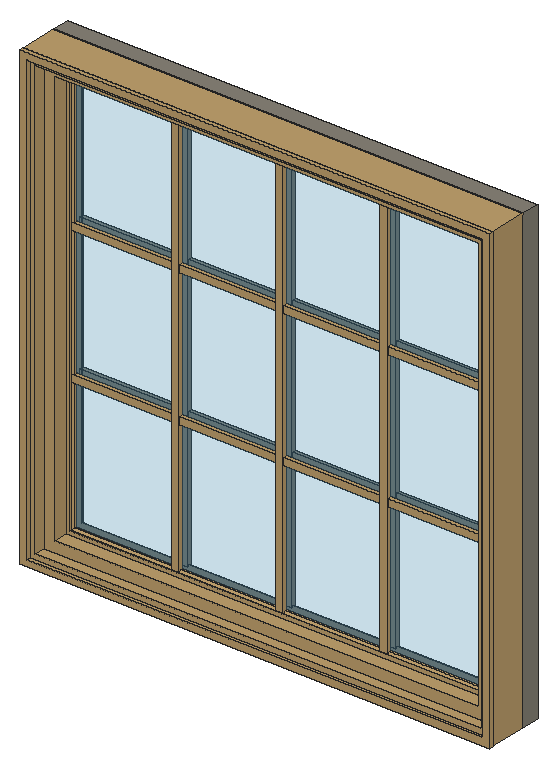
Revit family
Parameters (values of type "CUCAP4848")
  Window Type = "Clad Ultimate Casement Picture Unit"
  URL = "www.marvin.com"
  Prairie Corner Width = 0' - 4"
  Prairie Corner Height = 0' - 4"
  Nominal Width = 4' - 0"
  Nominal Height = 4' - 0"
  Muntins Interior Material = Wood-Marvin-Pine
  Muntins Exterior Material = Aluminum-Marvin-Bronze
  Model = "CUCAP4848"
  Manufacturer = "Marvin Windows and Doors"
  Lites Wide = 4
  Lites High = 3
  Lite Cut Prairie 9 = no
  Lite Cut HV Grid = not(Lite Cut Prairie 9)  # yes
  Label Visibility = no
  Interior Material = Wood-Marvin-Pine
  Glazing Material = Glass-Marvin-IG Low E II with Argon
  Glass Type = "IG Low E II with Argon"
  Frame = "Aluminum Clad"
  Family created by = "www.rbuiltcomponents.com"
  Rough Width = Width + 0' 1"  # 4' - 1"
  Rough Height = Height + 0' 0 1/2"  # 3' - 11 5/8"
  Muntins Interior Visibility = yes
  Muntins Exterior Visibility = yes
  Jamb Extension Visibility = yes
  Inset to Installation Flange [instance] = 0' - 1"
  Height = Nominal Height - 0' 0 7/8"  # 3' - 11 1/8"
  Design Pressure = "DP50"
  Description = "4848 Fixed"
  Default Head Height = 8' - 0"
  Wall Closure = (empty or 0)
  Width = Nominal Width  # 4' - 0"
  Daylight Area = DLO Width * DLO Height  # 12.1033 SF
  DLO Width = Width - 0' 5 13/16"  # 3' - 6 3/16"
  DLO Height = Height - 0' 5 13/16"  # 3' - 5 5/16"
  Cladding Material = Aluminum-Marvin-Bronze
  Assembly Code = ""
Reference planes (in)
  plane 1 "Center (Front/Back)": y = 0
  plane 2: z = 0
  plane 3 "Center (Left/Right)": x = -3
  plane 4 "Left": x = -27
  plane 5 "Right": x = 21
  plane 6 "Sill": z = 48.875
  plane 7 "Top": z = 96
  plane 8 "Inset": y = 2
  plane 9 "Glazing": y = 1.25
  plane 10 "Jamb Ext Face": y = -2.5625
  plane 11: z = 72.4375
  plane 12: y = -2.625
Forms (in)
  Sweep 1, solid, material "Aluminum-Marvin-Bronze" <- "Cladding Material"
    path origin (0, 1.25, 0) x (1, 0, 0) y (0, 0, 1)
      loop
        line (-27, 96) -> (-27, 48.875) -> (21, 48.875) -> (21, 96) -> (-27, 96)
    profile "Profile_Ext_Clad_Frame : Profile_Ext_Clad_Frame" origin (-27, 1.25, 72.4375) x (1, 0, 0) y (0, -1, 0)
      loop
        line (0, 0) -> (0, -1.84401) -> (0.52105, -1.84401) -> (0.62315, -0.38401) -> (2.696, -0.38401) -> (2.696, -0.2654) -> (2.896, -0.0654) -> (2.896, 0) -> (0, 0)
  Sweep 2, solid, material "Wood-Marvin-Pine" <- "Interior Material"
    path origin (0, 1.25, 0) x (1, 0, 0) y (0, 0, 1)
      loop
        line (-27, 96) -> (-27, 48.875) -> (21, 48.875) -> (21, 96) -> (-27, 96)
    profile "Profile_Int_Frame : Profile_Int_Frame" origin (-27, 1.25, 72.4375) x (1, 0, 0) y (0, -1, 0)
      loop
        line (0, 0) -> (2.208, 0) -> (2.208, 0.75299) -> (2.896, 0.75299) -> (2.896, 0.94965) -> (2.7085, 1.13715) -> (2.7085, 1.23699) -> (2.30184, 1.23699) -> (2.30184, 2.71113) -> (1.188, 2.71113) -> (1.188, 3.81199) -> (0, 3.81199) -> (0, 0)
  Extrusion 3, solid, material "Wood-Marvin-Pine" <- "Interior Material", visible <- "Jamb Extension Visibility", detail levels medium+fine
    sketch origin (0, -2.5625, 0) x (1, 0, 0) y (0, 0, 1)
      loop
        line (-27, 96) -> (-27, 48.875) -> (21, 48.875) -> (21, 96) -> (-27, 96)
      loop
        line (-26.3125, 49.5625) -> (20.3125, 49.5625) -> (20.3125, 95.3125) -> (-26.3125, 95.3125) -> (-26.3125, 49.5625)
    from 0.0625 to 0.4375
  Extrusion 4, solid, material "Glass-Marvin-IG Low E II with Argon" <- "Glazing Material"
    sketch origin (0, 1.25, 0) x (1, 0, 0) y (0, 0, 1)
      loop
        line (18.65625, 93.65625) -> (-24.65625, 93.65625) -> (-24.65625, 51.21875) -> (18.65625, 51.21875) -> (18.65625, 93.65625)
    from 0 to 0.125
  Extrusion 5, solid, material "Glass-Marvin-IG Low E II with Argon" <- "Glazing Material"
    sketch origin (0, 1.25, 0) x (1, 0, 0) y (0, 0, 1)
      loop
        line (18.65625, 93.65625) -> (-24.65625, 93.65625) -> (-24.65625, 51.21875) -> (18.65625, 51.21875) -> (18.65625, 93.65625)
    from 0.625 to 0.75
Lines and regions (in)
  Opening 1
    outline origin (-60, -3, 0) x (1, 0, 0) y (0, 0, 1)
      loop
        line (33, 96) -> (33, 48.875) -> (81, 48.875) -> (81, 96) -> (33, 96)
  Masking region 1
    outline origin (0, 0, 48.875) x (0, -1, 0) y (1, 0, 0)
      loop
        line (-3.09401, -27) -> (2.5625, -27) -> (2.5625, 21) -> (-3.09401, 21) -> (-3.09401, -27)
  Masking region 2
    outline origin (-3, 0, 0) x (0, 1, 0) y (0, 0, 1)
      loop
        line (3.09401, 96) -> (-2.5625, 96) -> (-2.5625, 48.875) -> (3.09401, 48.875) -> (3.09401, 96)
  Masking region 3, visible <- "Jamb Extension Visibility"
    outline origin (0, 0, 0) x (1, 0, 0) y (0, 1, 0)
      loop
        line (-27, -2.625) -> (-27, -3) -> (21, -3) -> (21, -2.625) -> (-27, -2.625)
  Masking region 4, visible <- "Jamb Extension Visibility"
    outline origin (-3, 0, 0) x (0, 1, 0) y (0, 0, 1)
      loop
        line (-2.625, 96) -> (-3, 96) -> (-3, 48.875) -> (-2.625, 48.875) -> (-2.625, 96)
  symbolic lines, style "Jamb Extension", visible <- "Jamb Extension Visibility", detail levels fine
    curve 1: line (-27, -3, 48.875) -> (-26.3125, -3, 48.875)
    curve 2: line (-26.3125, -3, 48.875) -> (-26.3125, -2.625, 48.875)
    curve 3: line (21, -3, 48.875) -> (20.3125, -3, 48.875)
    curve 4: line (20.3125, -3, 48.875) -> (20.3125, -2.625, 48.875)
    curve 5: line (-3, -3, 95.3125) -> (-3, -2.625, 95.3125)
    curve 6: line (-3, -3, 49.5625) -> (-3, -2.625, 49.5625)
  symbolic lines, style "WindowsFrameMullionProjection", detail levels coarse+medium
    curve 7: line (21, -2.5625, 0) -> (19.812, -2.5625, 0)
    curve 8: line (19.812, -2.5625, 0) -> (19.812, 3.09401, 0)
    curve 9: line (19.812, 3.09401, 0) -> (21, 3.09401, 0)
    curve 10: line (19.812, 1.63401, 0) -> (18.104, 1.63401, 0)
    curve 11: line (18.104, 1.63401, 0) -> (18.104, 0.01301, 0)
    curve 12: line (-25.812, 0.01301, 0) -> (-24.13337, 0.01301, 0)
    curve 13: line (-27, -2.5625, 0) -> (-25.812, -2.5625, 0)
    curve 14: line (-25.812, -2.5625, 0) -> (-25.812, 3.09401, 0)
    curve 15: line (-25.812, 3.09401, 0) -> (-27, 3.09401, 0)
    curve 16: line (-24.13337, 1.63401, 0) -> (-24.13337, 0.01301, 0)
    curve 17: line (-3, 3.09401, 96) -> (-3, 3.09401, 94.812)
    curve 18: line (-3, 3.09401, 94.812) -> (-3, -2.5625, 94.812)
    curve 19: line (-3, -2.5625, 94.812) -> (-3, -2.5625, 96)
    curve 20: line (-3, 1.63401, 94.812) -> (-3, 1.63401, 93.104)
    curve 21: line (-3, 1.63401, 93.104) -> (-3, 0.00901, 93.104)
    curve 22: line (-3, 0.00901, 50.063) -> (-3, 0.00901, 51.771)
    curve 23: line (-3, 3.09401, 48.875) -> (-3, 3.09401, 50.063)
    curve 24: line (-3, 3.09401, 50.063) -> (-3, -2.5625, 50.063)
    curve 25: line (-3, -2.5625, 50.063) -> (-3, -2.5625, 48.875)
    curve 26: line (-3, 1.63401, 51.771) -> (-3, 0.00901, 51.771)
    curve 29: line (18.104, 1.63401, 0) -> (-24.13337, 1.63401, 0)
    curve 30: line (18.104, 0.01301, 0) -> (19.812, 0.01301, 0)
    curve 31: line (-24.13337, 0.01301, 0) -> (18.104, 0.01301, 0)
    curve 32: line (-24.13337, 1.63401, 0) -> (-25.812, 1.63401, 0)
    curve 33: line (-3, 0.00901, 51.771) -> (-3, 0.00901, 93.104)
    curve 34: line (-3, 1.63401, 51.771) -> (-3, 1.63401, 50.063)
    curve 35: line (-3, 0.00901, 93.104) -> (-3, 0.00901, 94.812)
    curve 36: line (-3, 1.63401, 93.104) -> (-3, 1.63401, 51.771)
  symbolic lines, style "WindowsGlassProjection", detail levels coarse+medium
    curve 27: line (-3, 0.82151, 93.104) -> (-3, 0.82151, 51.771)
    curve 28: line (-24.13337, 0.82351, 0) -> (18.104, 0.82351, 0)
  symbolic lines, style "WindowsFrameMullionProjection"
    curve 37: line (-3, -2.5625, 50.063) -> (-3, -2.5625, 94.812)
    curve 38: line (-25.812, -2.5625, 48.875) -> (19.812, -2.5625, 48.875)
  symbolic lines, style "WindowsFrameMullionProjection", visible <- "Jamb Extension Visibility", detail levels coarse+medium
    curve 39: line (-26.3125, -2.625, 48.875) -> (-26.3125, -3, 48.875)
    curve 40: line (-26.3125, -3, 48.875) -> (-27, -3, 48.875)
    curve 41: line (20.3125, -2.625, 48.875) -> (20.3125, -3, 48.875)
    curve 42: line (20.3125, -3, 48.875) -> (21, -3, 48.875)
    curve 45: line (-3, -2.625, 95.3125) -> (-3, -3, 95.3125)
    curve 46: line (-3, -3, 95.3125) -> (-3, -3, 96)
    curve 47: line (-3, -2.625, 49.5625) -> (-3, -3, 49.5625)
    curve 48: line (-3, -3, 49.5625) -> (-3, -3, 48.875)
  symbolic lines, style "Jamb Extension", visible <- "Jamb Extension Visibility"
    curve 43: line (-3, -3, 49.5625) -> (-3, -3, 48.875)
    curve 44: line (-3, -3, 95.3125) -> (-3, -3, 96)
Text (in)
  text "EXTERIOR" at (-58.6888, 50.90694, 0), in view "Ref. Level"
  text "INTERIOR" at (-58.6888, -37.76638, 0), in view "Ref. Level"
  text "Exterior" at (0, 43.65631, 123.19604), in view "Left"
  text "Exterior" at (0, 18.29385, 125.04747), in view "Right"
Dimensions and locks (in)
  equal spacing: plane 4 "Left", plane 3 "Center (Left/Right)", plane 5 "Right"
  "Width": plane 4 "Left" to plane 5 "Right"
  "Height": plane 6 "Sill" to plane 7 "Top"
  "Inset to Installation Flange": host wall to plane 8 "Inset"
  locked: plane 9 "Glazing" to plane 8 "Inset" at 0.75
  locked: plane 10 "Jamb Ext Face" to plane 8 "Inset" at 4.5625
  locked: Extrusion 4 sketch curve to plane 5 "Right" at 2.34375
  locked: plane 4 "Left" to Extrusion 4 sketch curve at 2.34375
  locked: Extrusion 4 sketch curve to plane 7 "Top" at 2.34375
  locked: plane 6 "Sill" to Extrusion 4 sketch curve at 2.34375
  plane 8 "Inset" to curve 20 to curve 35 = 0' - 0.36599", 0' - 1 5/8"
  equal spacing: curve 30, curve 10, plane 8 "Inset"
  locked: nested 3 to plane 9 "Glazing" at 0.75
  equal spacing: plane 6 "Sill", plane 11, plane 7 "Top"
  "Default Head Height": plane 2 to plane 7 "Top"
  locked: Extrusion 3 sketch curve to Extrusion 3 sketch curve at 0.6875  (x2)
  locked: Sweep 2 to Extrusion 3 sketch curve at 0.6875
  locked: plane 7 "Top" to Extrusion 3 sketch curve at 0.6875
  locked: nested 5 to host wall at 12.00106
  locked: Extrusion 5 sketch curve to plane 7 "Top" at 2.34375
  locked: Extrusion 5 sketch curve to plane 5 "Right" at 2.34375
  locked: plane 6 "Sill" to Extrusion 5 sketch curve at 2.34375
  locked: plane 4 "Left" to Extrusion 5 sketch curve at 2.34375
  locked: plane 9 "Glazing" to Extrusion 4 at 0.125
  locked: plane 9 "Glazing" to Extrusion 5 at 0.625
  locked: plane 9 "Glazing" to Extrusion 5 at 0.75
  locked: Extrusion 5 to Extrusion 5 at 0.125
  locked: plane 12 to plane 10 "Jamb Ext Face" at 0.0625
  aligned and locked: plane 7 "Top" to Opening 1 sketch curve
  aligned and locked: plane 6 "Sill" to Opening 1 sketch curve  (x2)
  aligned and locked: plane 5 "Right" to Opening 1 sketch curve
  aligned and locked: plane 4 "Left" to Opening 1 sketch curve
  aligned and locked: nested 1 to plane 3 "Center (Left/Right)"
  aligned and locked: plane 8 "Inset" to nested 1
  aligned and locked: host wall to curve 1
  aligned and locked: curve 3 to host wall
  aligned and locked: plane 7 "Top" to Sweep 1 sketch curve
  aligned and locked: Sweep 1 sketch curve to plane 6 "Sill"
  aligned and locked: plane 5 "Right" to Sweep 1 sketch curve
  aligned and locked: Sweep 1 sketch curve to plane 4 "Left"
  aligned and locked: Sweep 2 sketch curve to plane 4 "Left"
  aligned and locked: plane 5 "Right" to Sweep 2 sketch curve
  aligned and locked: plane 7 "Top" to Sweep 2 sketch curve
  aligned and locked: Sweep 2 sketch curve to plane 6 "Sill"
  aligned and locked: plane 6 "Sill" to nested 2
  aligned and locked: plane 8 "Inset" to nested 2
  aligned and locked: Extrusion 3 sketch curve to plane 6 "Sill"
  aligned and locked: plane 5 "Right" to Extrusion 3 sketch curve
  aligned and locked: plane 11 to nested 3
  aligned and locked: plane 9 "Glazing" to nested 4
  aligned and locked: nested 4 to plane 11
  aligned and locked: nested 4 to plane 3 "Center (Left/Right)"
  aligned and locked: plane 3 "Center (Left/Right)" to nested 3
  aligned and locked: plane 5 "Right" to Masking region 1 sketch curve
  aligned and locked: Masking region 1 sketch curve to plane 4 "Left"
  aligned and locked: Masking region 1 sketch curve to Sweep 1
  aligned and locked: Masking region 2 sketch curve to Sweep 1
  aligned and locked: plane 7 "Top" to Masking region 2 sketch curve
  aligned and locked: Masking region 2 sketch curve to plane 6 "Sill"
  aligned and locked: host wall to Extrusion 3
  aligned and locked: Sweep 1 to curve 15
  aligned and locked: curve 9 to Sweep 1
  aligned and locked: curve 23 to Sweep 1
  aligned and locked: curve 17 to Sweep 1
  aligned and locked: plane 3 "Center (Left/Right)" to nested 5
  aligned and locked: Extrusion 3 sketch curve to plane 4 "Left"
  aligned and locked: plane 7 "Top" to Extrusion 3 sketch curve
  aligned and locked: curve 5 to Extrusion 3
  aligned and locked: curve 2 to Extrusion 3
  aligned and locked: curve 4 to Extrusion 3
  aligned and locked: plane 10 "Jamb Ext Face" to curve 13
  aligned and locked: curve 7 to plane 10 "Jamb Ext Face"
  aligned and locked: curve 38 to curve 14
  aligned and locked: curve 38 to curve 8
  aligned and locked: plane 10 "Jamb Ext Face" to curve 38
  aligned and locked: plane 4 "Left" to curve 40
  aligned and locked: curve 39 to Extrusion 3
  aligned and locked: curve 40 to host wall
  aligned and locked: plane 5 "Right" to curve 42
  aligned and locked: Extrusion 3 to curve 41
  aligned and locked: host wall to curve 42
  aligned and locked: curve 25 to plane 10 "Jamb Ext Face"
  aligned and locked: curve 24 to curve 37
  aligned and locked: plane 6 "Sill" to curve 43
  aligned and locked: curve 43 to Extrusion 3
  aligned and locked: curve 43 to host wall
  aligned and locked: plane 10 "Jamb Ext Face" to curve 19
  aligned and locked: plane 7 "Top" to curve 44
  aligned and locked: plane 7 "Top" to curve 46
  aligned and locked: host wall to curve 46
  aligned and locked: Extrusion 3 to curve 45
  aligned and locked: plane 6 "Sill" to curve 48
  aligned and locked: curve 47 to Extrusion 3
  aligned and locked: Sweep 2 to curve 37
  aligned and locked: Extrusion 4 to plane 9 "Glazing"
  aligned and locked: Sweep 1 to curve 10
  aligned and locked: Sweep 1 to curve 32
  aligned and locked: curve 12 to Sweep 2
  aligned and locked: Sweep 2 to curve 30
  aligned and locked: curve 8 to nested 1
  aligned and locked: curve 14 to Sweep 2
  aligned and locked: Extrusion 3 to plane 12
  aligned and locked: plane 12 to curve 2
  aligned and locked: plane 12 to curve 39
  aligned and locked: plane 12 to curve 4
  aligned and locked: plane 12 to curve 41
  aligned and locked: plane 12 to curve 5
  aligned and locked: plane 12 to curve 45
  aligned and locked: plane 12 to curve 6
  aligned and locked: plane 12 to curve 47
  aligned and locked: plane 12 to Masking region 3 sketch curve
  aligned and locked: Masking region 3 sketch curve to host wall
  aligned and locked: Masking region 3 sketch curve to plane 4 "Left"
  aligned and locked: plane 5 "Right" to Masking region 3 sketch curve
  aligned and locked: plane 12 to Masking region 4 sketch curve
  aligned and locked: Masking region 4 sketch curve to host wall
  aligned and locked: plane 7 "Top" to Masking region 4 sketch curve
  aligned and locked: Masking region 4 sketch curve to plane 6 "Sill"
  aligned and locked: Masking region 1 sketch curve to plane 10 "Jamb Ext Face"
  aligned and locked: Masking region 2 sketch curve to plane 10 "Jamb Ext Face"
Automatic sketch dimensions
  curve 13 to plane 4 "Left" = 0' - 0"
  curve 15 to plane 4 "Left" = 0' - 0"
  curve 7 to plane 5 "Right" = 0' - 0"
  curve 9 to plane 5 "Right" = 0' - 0"
  plane 9 "Glazing" to curve 28 = 0' - 0.42649"
  curve 11 to curve 30 = 0' - 1.708"
  curve 1 to plane 4 "Left" = 0' - 0"
  curve 3 to plane 5 "Right" = 0' - 0"
  curve 25 to plane 6 "Sill" = 0' - 0"
  curve 23 to plane 6 "Sill" = 0' - 0"
  curve 17 to plane 7 "Top" = 0' - 0"
  curve 19 to plane 7 "Top" = 0' - 0"
  plane 9 "Glazing" to curve 27 = 0' - 0.42849"
  curve 6 to curve 25 = 0' - 0.5005"
  curve 22 to curve 26 = 0' - 1.708"
  curve 36 to curve 20 = 0' - 1.708"
  curve 12 to curve 16 = 0' - 1.67863"
Nested families (in)
  nested 1: "Casement_Plan_Detail" at (-3, 2, 48.875) x (-1, 0, 0) z (0, 0, -1), type "Casement_Plan_Detail", detail levels fine
    with Width 4' - 0"
  nested 2: "Casement_Section_Detail" at (-3, 2, 96) x (0, -1, 0) z (1, 0, 0), type "Casement_Section_Detail", detail levels fine
  nested 3: "Muntins" at (-3, 0.5, 15.78125), visible <- "Muntins Interior Visibility", Muntin Material <- "Muntins Interior Material", type "Muntins"
    with Muntin Material Wood-Marvin-Pine, GlazingWidth 3' - 6 3/16", GlazingHeight 3' - 5 5/16", Width 3' - 6 5/8", VerticalMuntins 3, LitesHorizontal 4, Height 3' - 5 3/4", Inset Vert 0' - 10 9/32", Inset Horiz 1' - 1.54167"
  nested 4: "Muntins" at (-3, 1.25, 15.78125), visible <- "Muntins Exterior Visibility", Muntin Material <- "Muntins Exterior Material", type "Muntins"
    with Muntin Material Aluminum-Marvin-Bronze, GlazingWidth 3' - 6 3/16", GlazingHeight 3' - 5 5/16", Width 3' - 6 5/8", VerticalMuntins 3, LitesHorizontal 4, Height 3' - 5 3/4", Inset Vert 0' - 10 9/32", Inset Horiz 1' - 1.54167"
  nested 5: "Label Annotation 1-16 w" at (-3, 15.00106, 0), visible <- "Label Visibility", type "Label Annotation 1-16 w"
Definition of nested family "Muntins"
  Parameters (values of type "Muntins")
    PrairieMuntVisible = no
    Prairie Corner Width = 0' - 4"
    Prairie Corner Height = 0' - 4"
    Muntin Extension = 0' - 0 7/16"
    GridMuntVisible = yes
    GlazingWidth = 2' - 0"
    GlazingHeight = 2' - 11 1/8"
    Width = GlazingWidth + Muntin Extension  # 2' - 0 7/16"
    VerticalMuntins = if(LitesHorizontal < 3, 2, LitesHorizontal - 1)  # 2
    VertMuntVisible = and(GridMuntVisible, LitesHorizontal > 2)  # yes
    MuntinWidth = 0' - 0 3/4"
    MuntinDepth [instance] = 0' - 0 3/8"
    Muntin Material [instance] = none
    LitesVertical = 3
    LitesHorizontal = 3
    HorizontalMuntins = if(LitesVertical < 3, 2, LitesVertical - 1)  # 2
    HorizMuntVisible = and(GridMuntVisible, LitesVertical > 2)  # yes
    Height = GlazingHeight + Muntin Extension  # 2' - 11 9/16"
    Inset Vert = if(LitesHorizontal < 3, (Width / 3) - (MuntinWidth / 2), (Width / LitesHorizontal) - (MuntinWidth / 2))  # 0' - 7.77083"
    Inset Horiz = if(LitesVertical < 3, (Height / 3) - (MuntinWidth / 2), (Height / LitesVertical) - (MuntinWidth / 2))  # 0' - 11.47917"
    CenterMuntinVertical = and(GridMuntVisible, LitesHorizontal = 2)  # no
    CenterMuntinHorizontal = and(GridMuntVisible, LitesVertical = 2)  # no
    Assembly Code = ""
  Reference planes (in)
    plane 1 "Center (Front/Back)": y = 0
    plane 2: z = 0
    plane 3 "Center (Left/Right)": x = 0
    plane 4: z = 35.78125
    plane 5: z = 53.5625
    plane 6: z = 71.34375
    plane 7: z = 59.86458
    plane 8: z = 47.26042
    plane 9: z = 71.125
    plane 10: z = 36
    plane 11: x = -12
    plane 12: x = 12
    plane 13: x = -4.44792
    plane 14: x = -12.21875
    plane 15: x = 12.21875
    plane 16: x = 4.44792
    plane 17: z = 67.125
    plane 18: z = 40
    plane 19: x = -8
    plane 20: x = 8
  Forms (in)
    Extrusion 1, solid, material <- "Muntin Material", visible <- "CenterMuntinVertical", detail levels medium+fine
      sketch origin (9, 0, 0) x (1, 0, 0) y (0, 0, 1)
        loop
          line (-9.375, 71.34375) -> (-9.375, 35.78125) -> (-8.625, 35.78125) -> (-8.625, 71.34375) -> (-9.375, 71.34375)
      from 0 to 0.375 <- "MuntinDepth"
    Extrusion 2, solid, material <- "Muntin Material", visible <- "CenterMuntinHorizontal", detail levels medium+fine
      sketch origin (-0.0013, 0, 14.6875) x (1, 0, 0) y (0, 0, 1)
        loop
          line (-12.21745, 39.25) -> (-12.21745, 38.5) -> (12.22005, 38.5) -> (12.22005, 39.25) -> (-12.21745, 39.25)
      from 0 to 0.375 <- "MuntinDepth"
    Extrusion 3, solid, material <- "Muntin Material", visible <- "VertMuntVisible", detail levels medium+fine
      sketch origin (4.92708, 0, -2.90625) x (1, 0, 0) y (0, 0, 1)
        loop
          line (-9.375, 74.25) -> (-9.375, 38.6875) -> (-8.625, 38.6875) -> (-8.625, 74.25) -> (-9.375, 74.25)
      from 0 to 0.375 <- "MuntinDepth"
    Extrusion 4, solid, material <- "Muntin Material", visible <- "HorizMuntVisible", detail levels medium+fine
      sketch origin (-3.09635, 0, 14.17708) x (1, 0, 0) y (0, 0, 1)
        loop
          line (-9.1224, 45.6875) -> (-9.1224, 44.9375) -> (15.3151, 44.9375) -> (15.3151, 45.6875) -> (-9.1224, 45.6875)
      from 0 to 0.375 <- "MuntinDepth"
    Extrusion 5, solid, material <- "Muntin Material", visible <- "HorizMuntVisible", detail levels medium+fine
      sketch origin (-3.09635, 0, 2.32292) x (1, 0, 0) y (0, 0, 1)
        loop
          line (-9.1224, 45.6875) -> (-9.1224, 44.9375) -> (15.3151, 44.9375) -> (15.3151, 45.6875) -> (-9.1224, 45.6875)
      from 0 to 0.375 <- "MuntinDepth"
    Extrusion 6, solid, material <- "Muntin Material", visible <- "VertMuntVisible", detail levels medium+fine
      sketch origin (13.07292, 0, -2.90625) x (1, 0, 0) y (0, 0, 1)
        loop
          line (-9.375, 74.25) -> (-9.375, 38.6875) -> (-8.625, 38.6875) -> (-8.625, 74.25) -> (-9.375, 74.25)
      from 0 to 0.375 <- "MuntinDepth"
    Extrusion 7, solid, material <- "Muntin Material", visible <- "PrairieMuntVisible", detail levels medium+fine
      sketch origin (1, 0, 0) x (1, 0, 0) y (0, 0, 1)
        loop
          line (-9, 71.34375) -> (-9, 35.78125) -> (-8.25, 35.78125) -> (-8.25, 71.34375) -> (-9, 71.34375)
      from 0 to 0.375 <- "MuntinDepth"
    Extrusion 8, solid, material <- "Muntin Material", visible <- "PrairieMuntVisible", detail levels medium+fine
      sketch origin (17, 0, 0) x (1, 0, 0) y (0, 0, 1)
        loop
          line (-9.75, 71.34375) -> (-9.75, 35.78125) -> (-9, 35.78125) -> (-9, 71.34375) -> (-9.75, 71.34375)
      from 0 to 0.375 <- "MuntinDepth"
    Extrusion 9, solid, material <- "Muntin Material", visible <- "PrairieMuntVisible", detail levels medium+fine
      sketch origin (-0.0013, 0, 28.25) x (1, 0, 0) y (0, 0, 1)
        loop
          line (-12.21745, 38.875) -> (-12.21745, 38.125) -> (12.22005, 38.125) -> (12.22005, 38.875) -> (-12.21745, 38.875)
      from 0 to 0.375 <- "MuntinDepth"
    Extrusion 10, solid, material <- "Muntin Material", visible <- "PrairieMuntVisible", detail levels medium+fine
      sketch origin (-0.0013, 0, 1.125) x (1, 0, 0) y (0, 0, 1)
        loop
          line (-12.21745, 39.625) -> (-12.21745, 38.875) -> (12.22005, 38.875) -> (12.22005, 39.625) -> (-12.21745, 39.625)
      from 0 to 0.375 <- "MuntinDepth"
  Cuts and joins
    joined: Extrusion 7, Extrusion 8, Extrusion 9, Extrusion 10
  Lines and regions (in)
    model lines, style "Muntins", visible <- "CenterMuntinHorizontal", detail levels coarse
      curve 1: line (-12.21875, 0, 53.5625) -> (12.21875, 0, 53.5625)
    model lines, style "Muntins", visible <- "HorizMuntVisible", detail levels coarse
      curve 2: line (-12.21875, 0, 59.48958) -> (12.21875, 0, 59.48958)
      curve 3: line (-12.21875, 0, 47.63542) -> (12.21875, 0, 47.63542)
    model lines, style "Muntins", visible <- "CenterMuntinVertical", detail levels coarse
      curve 4: line (0, 0, 71.34375) -> (0, 0, 35.78125)
    model lines, style "Muntins", visible <- "VertMuntVisible", detail levels coarse
      curve 5: line (-4.07292, 0, 71.34375) -> (-4.07292, 0, 35.78125)
      curve 6: line (4.07292, 0, 71.34375) -> (4.07292, 0, 35.78125)
    model lines, style "Muntins", visible <- "PrairieMuntVisible", detail levels coarse
      curve 7: line (-12.21875, 0, 66.75) -> (12.21875, 0, 66.75)
      curve 8: line (-12.21875, 0, 40.375) -> (12.21875, 0, 40.375)
      curve 9: line (-7.625, 0, 35.78125) -> (-7.625, 0, 71.34375)
      curve 10: line (7.625, 0, 35.78125) -> (7.625, 0, 71.34375)
  Dimensions and locks (in)
    "Inset Horiz": plane 6 to plane 7
    "Inset Horiz": plane 8 to plane 4
    equal spacing: plane 6, plane 5, plane 4
    "Height": plane 6 to plane 4
    "GlazingHeight": plane 9 to plane 10
    equal spacing: plane 9, plane 5, plane 10
    "GlazingWidth": plane 12 to plane 11
    equal spacing: plane 12, plane 3 "Center (Left/Right)", plane 11
    "MuntinWidth": Extrusion 1 sketch curve to Extrusion 1 sketch curve
    "Height": Extrusion 1 sketch curve to Extrusion 1 sketch curve
    "MuntinWidth": Extrusion 2 sketch curve to Extrusion 2 sketch curve
    "Width": Extrusion 2 sketch curve to Extrusion 2 sketch curve
    "MuntinWidth": Extrusion 3 sketch curve to Extrusion 3 sketch curve
    "Height": Extrusion 3 sketch curve to Extrusion 3 sketch curve
    "Width": plane 15 to plane 14
    equal spacing: plane 15, plane 3 "Center (Left/Right)", plane 14
    "Inset Vert": plane 13 to plane 14
    "Inset Vert": plane 15 to plane 16
    "MuntinWidth": Extrusion 4 sketch curve to Extrusion 4 sketch curve
    "Width": Extrusion 4 sketch curve to Extrusion 4 sketch curve
    "MuntinWidth": Extrusion 5 sketch curve to Extrusion 5 sketch curve
    "Width": Extrusion 5 sketch curve to Extrusion 5 sketch curve
    group 2 to group 3 = 0' - 0"  (x2)
    group 3 to group 2 = 0' - 11.85417"
    "MuntinWidth": Extrusion 6 sketch curve to Extrusion 6 sketch curve
    "Height": Extrusion 6 sketch curve to Extrusion 6 sketch curve
    group 4 to group 5 = 0' - 8.14583"
    group 4 to group 5 = 0' - 0"  (x2)
    "Prairie Corner Width": plane 19 to plane 11
    "Prairie Corner Width": plane 20 to plane 12
    "Prairie Corner Height": plane 9 to plane 17
    "Prairie Corner Height": plane 18 to plane 10
    "MuntinWidth": Extrusion 7 sketch curve to Extrusion 7 sketch curve
    "Height": Extrusion 7 sketch curve to Extrusion 7 sketch curve
    "MuntinWidth": Extrusion 8 sketch curve to Extrusion 8 sketch curve
    "Height": Extrusion 8 sketch curve to Extrusion 8 sketch curve
    "MuntinWidth": Extrusion 9 sketch curve to Extrusion 9 sketch curve
    "Width": Extrusion 9 sketch curve to Extrusion 9 sketch curve
    "MuntinWidth": Extrusion 10 sketch curve to Extrusion 10 sketch curve
    "Width": Extrusion 10 sketch curve to Extrusion 10 sketch curve
    aligned and locked: plane 6 to Extrusion 1  (x2)
    aligned and locked: Extrusion 1 to plane 4  (x3)
    aligned and locked: Extrusion 3 to plane 13  (x5)
    aligned and locked: Extrusion 3 to plane 4  (x3)
    aligned and locked: Extrusion 2 to plane 14
    aligned and locked: plane 15 to Extrusion 2
    aligned and locked: plane 6 to Extrusion 3
    aligned and locked: plane 7 to Extrusion 4
    aligned and locked: Extrusion 4 to plane 14
    aligned and locked: plane 15 to Extrusion 4
    aligned and locked: curve 1 to plane 5
    aligned and locked: plane 14 to curve 1
    aligned and locked: plane 15 to curve 1
    aligned and locked: Extrusion 5 to plane 14
    aligned and locked: Extrusion 5 to plane 8
    aligned and locked: plane 15 to Extrusion 5
    aligned and locked: Extrusion 5 to curve 3  (x2)
    aligned and locked: Extrusion 4 to curve 2  (x2)
    aligned and locked: curve 4 to plane 3 "Center (Left/Right)"
    aligned and locked: Extrusion 1 to curve 4  (x2)
    aligned and locked: Extrusion 3 to curve 5  (x2)
    aligned and locked: Extrusion 6 to curve 6  (x2)
    aligned and locked: Extrusion 6 to plane 16
    aligned and locked: plane 6 to Extrusion 6
    aligned and locked: plane 6 to curve 6
    aligned and locked: Extrusion 6 to plane 4
    aligned and locked: plane 4 to curve 6
    aligned and locked: cut or joined group of Extrusion 7, Extrusion 8, Extrusion 9, Extrusion 10 to plane 19
    aligned and locked: plane 20 to cut or joined group of Extrusion 7, Extrusion 8, Extrusion 9, Extrusion 10
    aligned and locked: plane 17 to cut or joined group of Extrusion 7, Extrusion 8, Extrusion 9, Extrusion 10
    aligned and locked: cut or joined group of Extrusion 7, Extrusion 8, Extrusion 9, Extrusion 10 to plane 18
    aligned and locked: cut or joined group of Extrusion 7, Extrusion 8, Extrusion 9, Extrusion 10 to curve 7  (x2)
    aligned and locked: cut or joined group of Extrusion 7, Extrusion 8, Extrusion 9, Extrusion 10 to curve 8  (x2)
    aligned and locked: cut or joined group of Extrusion 7, Extrusion 8, Extrusion 9, Extrusion 10 to curve 9  (x2)
    aligned and locked: cut or joined group of Extrusion 7, Extrusion 8, Extrusion 9, Extrusion 10 to curve 10  (x2)
  Automatic sketch dimensions
    Extrusion 1 sketch curve to plane 4 = 0' - 0"
    Extrusion 1 sketch curve to plane 3 "Center (Left/Right)" = 0' - 0 3/8"
    Extrusion 2 sketch curve to plane 14 = 0' - 0"
    Extrusion 2 sketch curve to plane 5 = 0' - 0 3/8"
    Extrusion 7 sketch curve to plane 4 = 0' - 0"
    Extrusion 7 sketch curve to plane 19 = 0' - 0"
    Extrusion 8 sketch curve to plane 4 = 0' - 0"
    Extrusion 8 sketch curve to plane 20 = 0' - 0 3/4"
    Extrusion 9 sketch curve to plane 14 = 0' - 0"
    Extrusion 9 sketch curve to plane 17 = 0' - 0 3/4"
    Extrusion 10 sketch curve to plane 14 = 0' - 0"
    Extrusion 10 sketch curve to plane 18 = 0' - 0"
    plane 19 to curve 9 = 0' - 0 3/8"
    curve 10 to plane 20 = 0' - 0 3/8"
    plane 18 to curve 8 = 0' - 0 3/8"
    curve 7 to plane 17 = 0' - 0 3/8"
Definition of nested family "Casement_Plan_Detail"
  Parameters (values of type "Casement_Plan_Detail")
    Width = 3' - 0"
    Assembly Code = ""
  Reference planes (in)
    plane 1 "Center (Front/Back)": y = 0
    plane 2: z = 0
    plane 3 "Center (Left/Right)": x = 0
    plane 4: x = -18
    plane 5: x = 18
  Lines and regions (in)
    detail lines, style "Cut Lines", in view "Ref. Level"
      curve 1: line (-15.647, -0.74875, 0) -> (15.647, -0.74875, 0)
      curve 2: line (-15.647, -0.86675, 0) -> (15.647, -0.86675, 0)
      curve 3: line (-15.647, -1.38075, 0) -> (15.647, -1.38075, 0)
      curve 4: line (-15.647, -1.49875, 0) -> (15.647, -1.49875, 0)
    detail lines, style "DetailComponentsHiddenLines", in view "Ref. Level"
      curve 5: line (-14.92484, -2.36899, 0) -> (14.96084, -2.36899, 0)
  Dimensions and locks (in)
    equal spacing: plane 4, plane 3 "Center (Left/Right)", plane 5
    "Width": plane 4 to plane 5
    aligned and locked: plane 1 "Center (Front/Back)" to nested 1
    aligned and locked: nested 1 to plane 4
    aligned and locked: plane 5 to nested 2
    aligned and locked: nested 2 to plane 1 "Center (Front/Back)"
    aligned and locked: nested 2 to nested 2
    aligned and locked: nested 1 to curve 5
  Automatic sketch dimensions
    plane 1 "Center (Front/Back)" to curve 1 = 0' - 0.74875"
    curve 2 to curve 1 = 0' - 0"
    curve 4 to curve 2 = 0' - 0"
    curve 3 to curve 4 = 0' - 0"  (x2)
    curve 4 to curve 5 = 0' - 0.72216"
    plane 5 to curve 5 = 0' - 3.03916"
    curve 5 to curve 4 = 0' - 0.68616"
    curve 2 to curve 4 = 0' - 0"
    curve 1 to curve 2 = 0' - 0"
    curve 2 to curve 1 = 0' - 0.118"
    curve 3 to curve 2 = 0' - 0.514"
    curve 4 to curve 3 = 0' - 0.118"
    curve 5 to curve 4 = 0' - 0.87024"
  Nested families (in)
    nested 1: "Jamb_Detail" at (-18, 0, 0), type "Jamb_Detail", in view "Ref. Level"
    nested 2: "Jamb_Detail" at (18, 0, 0) x (-1, 0, 0) z (0, 0, 1), type "Jamb_Detail", in view "Ref. Level"
  Definition of nested family "Jamb_Detail"
    Parameters (values of type "Jamb_Detail")
      Assembly Code = ""
    Reference planes (in)
      plane 1 "Center (Front/Back)": y = 0
      plane 2: z = 0
      plane 3 "Center (Left/Right)": x = 0
    Lines and regions (in)
      detail lines, style "Cut Lines", in view "Ref. Level"
        curve 1: line (0, 4.56199, 0) -> (1.188, 4.56199, 0)
        curve 2: line (0, -1.09401, 0) -> (0, 4.56199, 0)
        curve 3: line (1.188, 4.56199, 0) -> (1.188, 0.76198, 0)
        curve 4: line (0.52105, -1.09401, 0) -> (0, -1.09401, 0)
        curve 5: line (0.637, 0.56409, 0) -> (0.52105, -1.09401, 0)
        curve 6: line (0.637, 0.56409, 0) -> (0.637, 1.98699, 0)
        curve 7: line (-1.5, 0, 0) -> (-0.15, 0, 0)
        curve 8: line (0, -0.04501, 0) -> (-1.5, -0.04501, 0)
        curve 9: line (-1.5, -0.04501, 0) -> (-1.5, 0, 0)
        curve 10: line (-0.15, 0.10999, 0) -> (0, 0.10999, 0)
        curve 11: line (-0.15, 0, 0) -> (-0.15, 0.10999, 0)
        curve 12: line (1.188, 3.46342, 0) -> (2.115, 3.46342, 0)
        curve 13: line (2.115, 3.46342, 0) -> (2.115, 2.86577, 0)
        curve 14: line (2.30184, 2.86577, 0) -> (2.30184, 2.34399, 0)
        curve 15: line (2.489, 2.34399, 0) -> (2.489, 1.98699, 0)
        curve 16: line (2.115, 2.86577, 0) -> (2.30184, 2.86577, 0)
        curve 17: line (0.805, 0.76198, 0) -> (1.188, 0.76198, 0)
        curve 18: line (0.805, 0.36599, 0) -> (0.805, 0.76198, 0)
        curve 19: line (2.696, 0.36599, 0) -> (0.805, 0.36599, 0)
        curve 20: line (2.696, 0.4846, 0) -> (2.696, 0.36599, 0)
        curve 21: line (2.896, 0.6846, 0) -> (2.696, 0.4846, 0)
        curve 22: line (2.208, 0.71396, 0) -> (2.896, 0.71396, 0)
        curve 23: line (2.208, 1.50299, 0) -> (2.208, 0.71396, 0)
        curve 24: line (2.896, 1.50299, 0) -> (2.208, 1.50299, 0)
        curve 25: line (2.896, 1.67399, 0) -> (2.896, 1.50299, 0)
        curve 26: line (2.677, 1.98699, 0) -> (2.677, 1.89299, 0)
        curve 27: line (0.637, 1.98699, 0) -> (2.677, 1.98699, 0)
        curve 28: line (2.896, 0.71396, 0) -> (2.896, 0.6846, 0)
        curve 29: line (2.677, 1.89299, 0) -> (2.896, 1.67399, 0)
        curve 30: line (2.30184, 2.71899, 0) -> (2.98516, 2.71899, 0)
        curve 31: line (2.88116, 2.34399, 0) -> (2.30184, 2.34399, 0)
        curve 32: line (2.88116, 2.57074, 0) -> (2.88116, 2.34399, 0)
        curve 33: line (3.00316, 2.57074, 0) -> (2.88116, 2.57074, 0)
        curve 34: line (3.07516, 2.61899, 0) -> (3.07516, 2.36799, 0)
        curve 35: line (3.00316, 2.36799, 0) -> (3.00316, 2.57074, 0)
        curve 36: line (3.00316, 2.36799, 0) -> (3.07516, 2.36799, 0)
        curve 37: line (2.98516, 2.71899, 0) -> (2.98516, 2.61899, 0)
        curve 38: line (2.98516, 2.61899, 0) -> (3.07516, 2.61899, 0)
        curve 39: line (2.353, 1.38075, 0) -> (2.353, 1.49875, 0)
        curve 40: line (2.478, 0.86675, 0) -> (2.478, 1.38075, 0)
        curve 41: line (2.728, 0.87375, 0) -> (2.728, 1.37375, 0)
        curve 42: line (2.353, 0.74875, 0) -> (2.353, 0.86675, 0)
Definition of nested family "Casement_Section_Detail"
  Parameters (values of type "Casement_Section_Detail")
    Height = 3' - 11 1/8"
    Assembly Code = ""
  Reference planes (in)
    plane 1 "Center (Front/Back)": y = 0
    plane 2: z = 0
    plane 3 "Center (Left/Right)": x = 0
    plane 4: y = 47.125
  Lines and regions (in)
    detail lines, style "Cut Lines", in view "Ref. Level"
      curve 1: line (0.74625, 44.77203, 0) -> (0.74625, 2.35297, 0)
      curve 2: line (0.86425, 44.77203, 0) -> (0.86425, 2.35297, 0)
      curve 3: line (1.37825, 44.77203, 0) -> (1.37825, 2.35297, 0)
      curve 4: line (1.49625, 44.77203, 0) -> (1.49625, 2.35297, 0)
    detail lines, style "DetailComponentsHiddenLines", in view "Ref. Level"
      curve 5: line (2.36799, 3.28429, 0) -> (2.36799, 44.04984, 0)
  Dimensions and locks (in)
    "Height": plane 4 to plane 1 "Center (Front/Back)"
    aligned and locked: plane 1 "Center (Front/Back)" to nested 1
    aligned and locked: plane 3 "Center (Left/Right)" to nested 1
    aligned and locked: nested 2 to plane 4
    aligned and locked: plane 3 "Center (Left/Right)" to nested 2
    aligned and locked: nested 1 to curve 5  (x2)
    aligned and locked: nested 2 to curve 5
  Automatic sketch dimensions
    plane 3 "Center (Left/Right)" to curve 1 = 0' - 0.74625"
    curve 1 to curve 2 = 0' - 0.118"
    curve 2 to curve 3 = 0' - 0.514"
    curve 3 to curve 4 = 0' - 0.118"
    curve 3 to curve 5 = 0' - 0.93132"
    curve 2 to curve 3 = 0' - 0"  (x2)
    curve 4 to curve 3 = 0' - 0"  (x2)
    curve 1 to curve 2 = 0' - 0"  (x2)
    curve 5 to curve 3 = 0' - 0.72219"
  Nested families (in)
    nested 1: "Sill_Detail" at (0, 0, 0), type "Sill_Detail", in view "Ref. Level"
    nested 2: "Head_Detail" at (0, 47.125, 0), type "Head_Detail", in view "Ref. Level"
  Definition of nested family "Sill_Detail"
    Parameters (values of type "Sill_Detail")
      Assembly Code = ""
    Reference planes (in)
      plane 1 "Center (Front/Back)": y = 0
      plane 2: z = 0
      plane 3 "Center (Left/Right)": x = 0
    Lines and regions (in)
      detail lines, style "Cut Lines", in view "Ref. Level"
        curve 1: line (4.56199, 0, 0) -> (4.56199, 1.188, 0)
        curve 2: line (-1.09401, 0, 0) -> (4.56199, 0, 0)
        curve 3: line (4.56199, 1.188, 0) -> (0.76198, 1.188, 0)
        curve 4: line (-1.09401, 0.52105, 0) -> (-1.09401, 0, 0)
        curve 5: line (0.56409, 0.637, 0) -> (-1.09401, 0.52105, 0)
        curve 6: line (0.56409, 0.637, 0) -> (1.98699, 0.637, 0)
        curve 7: line (0, -1.5, 0) -> (0, -0.15, 0)
        curve 8: line (-0.04501, 0, 0) -> (-0.04501, -1.5, 0)
        curve 9: line (-0.04501, -1.5, 0) -> (0, -1.5, 0)
        curve 10: line (0.10999, -0.15, 0) -> (0.10999, 0, 0)
        curve 11: line (0, -0.15, 0) -> (0.10999, -0.15, 0)
        curve 12: line (3.46342, 1.188, 0) -> (3.46342, 2.51098, 0)
        curve 13: line (3.46342, 2.51098, 0) -> (1.98699, 2.51098, 0)
        curve 14: line (0.76198, 0.805, 0) -> (0.76198, 1.188, 0)
        curve 15: line (0.36599, 0.805, 0) -> (0.76198, 0.805, 0)
        curve 16: line (0.36599, 2.696, 0) -> (0.36599, 0.805, 0)
        curve 17: line (0.4846, 2.696, 0) -> (0.36599, 2.696, 0)
        curve 18: line (0.6846, 2.896, 0) -> (0.4846, 2.696, 0)
        curve 19: line (0.71396, 2.208, 0) -> (0.71396, 2.896, 0)
        curve 20: line (1.50299, 2.208, 0) -> (0.71396, 2.208, 0)
        curve 21: line (1.50299, 2.896, 0) -> (1.50299, 2.208, 0)
        curve 22: line (1.67399, 2.896, 0) -> (1.50299, 2.896, 0)
        curve 23: line (1.98699, 2.677, 0) -> (1.89299, 2.677, 0)
        curve 24: line (1.98699, 0.637, 0) -> (1.98699, 2.677, 0)
        curve 25: line (0.71396, 2.896, 0) -> (0.6846, 2.896, 0)
        curve 26: line (1.89299, 2.677, 0) -> (1.67399, 2.896, 0)
        curve 27: line (2.71899, 2.51098, 0) -> (2.71899, 3.19429, 0)
        curve 28: line (2.34399, 3.09029, 0) -> (2.34399, 2.51098, 0)
        curve 29: line (2.57074, 3.09029, 0) -> (2.34399, 3.09029, 0)
        curve 30: line (2.57074, 3.21229, 0) -> (2.57074, 3.09029, 0)
        curve 31: line (2.61899, 3.28429, 0) -> (2.36799, 3.28429, 0)
        curve 32: line (2.36799, 3.21229, 0) -> (2.57074, 3.21229, 0)
        curve 33: line (2.36799, 3.21229, 0) -> (2.36799, 3.28429, 0)
        curve 34: line (2.71899, 3.19429, 0) -> (2.61899, 3.19429, 0)
        curve 35: line (2.61899, 3.19429, 0) -> (2.61899, 3.28429, 0)
        curve 36: line (1.38075, 2.353, 0) -> (1.49875, 2.353, 0)
        curve 37: line (0.86675, 2.478, 0) -> (1.38075, 2.478, 0)
        curve 38: line (0.87375, 2.728, 0) -> (1.37375, 2.728, 0)
        curve 39: line (0.74875, 2.353, 0) -> (0.86675, 2.353, 0)
  Definition of nested family "Head_Detail"
    Parameters (values of type "Head_Detail")
      Assembly Code = ""
    Reference planes (in)
      plane 1 "Center (Front/Back)": y = 0
      plane 2: z = 0
      plane 3 "Center (Left/Right)": x = 0
    Lines and regions (in)
      detail lines, style "Cut Lines", in view "Ref. Level"
        curve 1: line (4.56199, 0, 0) -> (4.56199, -1.188, 0)
        curve 2: line (-1.09401, 0, 0) -> (4.56199, 0, 0)
        curve 3: line (4.56199, -1.188, 0) -> (0.76198, -1.188, 0)
        curve 4: line (-1.09401, -0.52105, 0) -> (-1.09401, 0, 0)
        curve 5: line (0.56409, -0.637, 0) -> (-1.09401, -0.52105, 0)
        curve 6: line (0.56409, -0.637, 0) -> (1.98699, -0.637, 0)
        curve 7: line (0, 1.5, 0) -> (0, 0.15, 0)
        curve 8: line (-0.04501, 0, 0) -> (-0.04501, 1.5, 0)
        curve 9: line (-0.04501, 1.5, 0) -> (0, 1.5, 0)
        curve 10: line (0.10999, 0.15, 0) -> (0.10999, 0, 0)
        curve 11: line (0, 0.15, 0) -> (0.10999, 0.15, 0)
        curve 12: line (3.46342, -1.188, 0) -> (3.46342, -2.30184, 0)
        curve 13: line (3.46342, -2.30184, 0) -> (2.34399, -2.30184, 0)
        curve 14: line (2.34399, -2.489, 0) -> (1.98699, -2.489, 0)
        curve 15: line (0.76198, -0.805, 0) -> (0.76198, -1.188, 0)
        curve 16: line (0.36599, -0.805, 0) -> (0.76198, -0.805, 0)
        curve 17: line (0.36599, -2.696, 0) -> (0.36599, -0.805, 0)
        curve 18: line (0.4846, -2.696, 0) -> (0.36599, -2.696, 0)
        curve 19: line (0.6846, -2.896, 0) -> (0.4846, -2.696, 0)
        curve 20: line (0.71396, -2.208, 0) -> (0.71396, -2.896, 0)
        curve 21: line (1.50299, -2.208, 0) -> (0.71396, -2.208, 0)
        curve 22: line (1.50299, -2.896, 0) -> (1.50299, -2.208, 0)
        curve 23: line (1.67399, -2.896, 0) -> (1.50299, -2.896, 0)
        curve 24: line (1.98699, -2.677, 0) -> (1.89299, -2.677, 0)
        curve 25: line (1.98699, -0.637, 0) -> (1.98699, -2.677, 0)
        curve 26: line (0.71396, -2.896, 0) -> (0.6846, -2.896, 0)
        curve 27: line (1.89299, -2.677, 0) -> (1.67399, -2.896, 0)
        curve 28: line (2.71899, -2.30184, 0) -> (2.71899, -2.98516, 0)
        curve 29: line (2.34399, -2.88116, 0) -> (2.34399, -2.30184, 0)
        curve 30: line (2.57074, -2.88116, 0) -> (2.34399, -2.88116, 0)
        curve 31: line (2.57074, -3.00316, 0) -> (2.57074, -2.88116, 0)
        curve 32: line (2.61899, -3.07516, 0) -> (2.36799, -3.07516, 0)
        curve 33: line (2.36799, -3.00316, 0) -> (2.57074, -3.00316, 0)
        curve 34: line (2.36799, -3.00316, 0) -> (2.36799, -3.07516, 0)
        curve 35: line (2.71899, -2.98516, 0) -> (2.61899, -2.98516, 0)
        curve 36: line (2.61899, -2.98516, 0) -> (2.61899, -3.07516, 0)
        curve 37: line (1.38075, -2.353, 0) -> (1.49875, -2.353, 0)
        curve 38: line (0.86675, -2.478, 0) -> (1.38075, -2.478, 0)
        curve 39: line (0.87375, -2.728, 0) -> (1.37375, -2.728, 0)
        curve 40: line (0.74875, -2.353, 0) -> (0.86675, -2.353, 0)
Definition of nested family "Label Annotation 1-16 w"
  Parameters
    Label = ""
    Egress Info = ""
    Description = "3040 Csmt"
  Reference planes (in)
    plane 1: y = 0
    plane 2: x = 0
  Text (in)
    label "Description Egress Info" at (0.00375, -0.00345, 0), shows "Description", "Egress Info"
